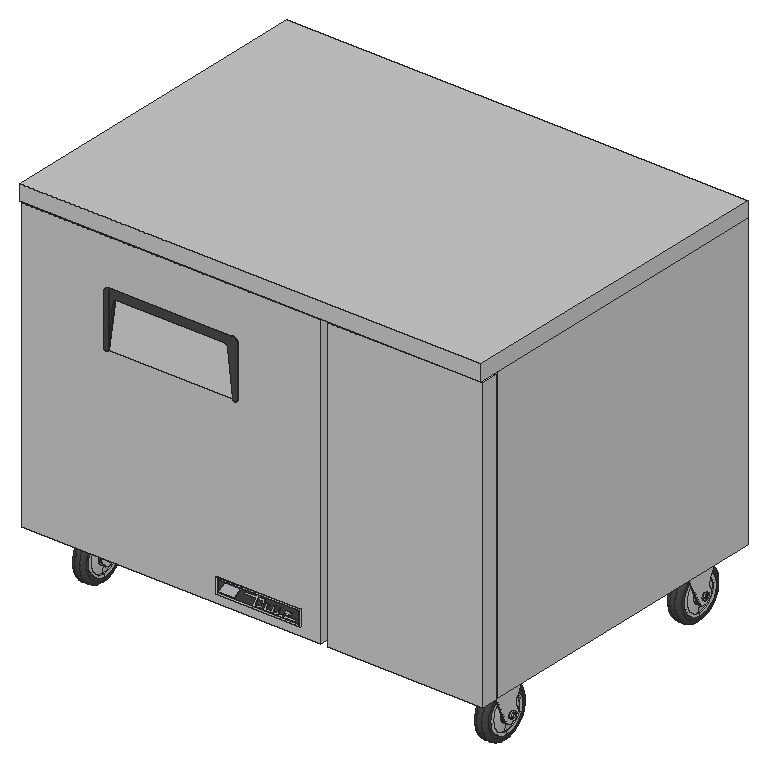
Revit family "QF_TRUE_TUC-44F-HC", category Specialty Equipment, Revit 2016
Family settings
  Part Type = Normal
  Round Connector Dimension = Use Diameter
  Work Plane-Based = No
  Always vertical = Yes
  Cut with Voids When Loaded = No
  Shared = Yes
  Room Calculation Point = No
Parameters
  Weight in Pounds = 300
  Watts = FL Amps * Volts  # 667 W
  Volts = 115 V
  URL Manufacturer = "www.truemfg.com"
  URL = "www.truemfg.com"
  Type Mark [instance] = ""
  Status [instance] = ""
  Show Seismic Flanged [instance] = no
  Show Legs [instance] = no
  Seismic Flanged [instance] = and(not(Show Casters), Show Seismic Flanged)  # no
  Length = 44 1/2"
  Legs [instance] = and(not(Show Casters), or(Show Legs, Show Seismic Flanged))  # no
  Specification by User [instance] = ""
  Specification by Manufacturer = ""
  Show Logo [instance] = yes
  Show Clearance [instance] = yes
  Show Casters [instance] = and(not(Show Seismic Flanged), not(Show Legs))  # yes
  Serial Number = ""
  Seismic Rating = ""
  SMACNA No = ""
  Revision Code [instance] = ""
  Phase = 1
  Omniclass Number and Title = ""
  Number of Poles [instance] = 1
  NAFEM Spec ID Number = ""
  Model = "TUC-44F-HC"
  Min Ckt Ampacity = 0 A
  Max Overcurrent Protection = 0 A
  MasterSpec. = ""
  Manufacturer = "TRUE"
  Item Number [instance] = ""
  Installed By [instance] = ""
  Identify Quantity as Lot [instance] = yes
  Height [instance] = 35 15/16"
  HP = "1/2"
  Furnished By [instance] = ""
  Foodservice Equipment Identifier [instance] = yes
  FL Amps = 5.8 A
  Electrical Remarks = ""
  Electric Connection Type [instance] = ""
  Elec Conn RI Height [instance] = 0"
  Elec Conn Connection Height [instance] = 0"
  Description = "SOLID DOOR FREEZER WITH HYDROCARBON REFRIGERANT"
  Depth = 32 1/4"
  Cycle = 60 Hz
  Conn Plug = "NEMA 5-15P"
  Conn Conduit = yes
  CSI MasterFormat = ""
  CSI Master Format = ""
  Base Height [instance] = if(Show Casters, 6 3/16", if(Legs, 6", 6 1/4"))  # 6 3/16"
  Apparent Power = if(Phase = 3, Volts * FL Amps * 1.73, Volts * FL Amps)  # 667 VA
Reference planes (in)
  plane 1 "BACK": y = -16.5
  plane 2: z = 0
  plane 3 "LEFT": x = 0
  plane 4 "RIGHT": x = 44.5
  plane 5 "FRONT": y = -51.25
  plane 6 "TOP": z = 35.9375
  plane 7: z = 6.1875
  plane 8: y = -69.375
  plane 9: y = -49.75
  plane 10: y = -17.5
  plane 11: y = -21.74082
  plane 12: x = 22.25
Dimensions and locks (in)
  "Length": plane 3 "LEFT" to plane 4 "RIGHT"
  plane 4 "RIGHT" to plane 3 "LEFT" = 44 1/2"
  plane 5 "FRONT" to plane 1 "BACK" = 34 3/4"  (x2)
  plane 1 "BACK" to plane 8 = 52 7/8"
  locked: plane 9 to plane 5 "FRONT" at 1.5
  "Depth": plane 10 to plane 9
  "Base Height": plane 7 to level
  locked: plane 6 "TOP" to plane 7 at 29.75
  plane 6 "TOP" to level = 35 15/16"
  equal spacing: plane 3 "LEFT", plane 12, plane 4 "RIGHT"
  aligned and locked: level to plane 2
  aligned and locked: plane 3 "LEFT" to nested 1  (x2)
  aligned and locked: plane 7 to nested 1
  aligned and locked: nested 1 to plane 7
Nested families (in)
  nested 1: "TUC-44-HC" at (0, 0, 2.1875), Show Logo <- "Show Logo", Show Clearance <- "Show Clearance", type "TUC-44-HC"
    with Show Logo yes, Show Clearance yes
  nested 2: "CASTERS" at (2.84375, -21.74082, 0), Show 6" Casters <- "Show Casters", type "CASTERS"
    with Type Mark "", Status "", Specification by User "", Show 6" Casters yes, Revision Code "", Item Number "", Installed By "", Identify Quantity as Lot yes, Furnished By "", Foodservice Equipment Identifier yes
  nested 3: "CASTERS" at (2.84375, -45.06531, 0), Show 6" Casters <- "Show Casters", type "CASTERS"
    with Type Mark "", Status "", Specification by User "", Show 6" Casters yes, Revision Code "", Item Number "", Installed By "", Identify Quantity as Lot yes, Furnished By "", Foodservice Equipment Identifier yes
  nested 4: "CASTERS" at (41.65625, -21.74082, 0), Show 6" Casters <- "Show Casters", type "CASTERS"
    with Type Mark "", Status "", Specification by User "", Show 6" Casters yes, Revision Code "", Item Number "", Installed By "", Identify Quantity as Lot yes, Furnished By "", Foodservice Equipment Identifier yes
  nested 5: "CASTERS" at (41.65625, -45.06531, 0), Show 6" Casters <- "Show Casters", type "CASTERS"
    with Type Mark "", Status "", Specification by User "", Show 6" Casters yes, Revision Code "", Item Number "", Installed By "", Identify Quantity as Lot yes, Furnished By "", Foodservice Equipment Identifier yes
  nested 6: "CASTERS & LEGS" at (2.84375, -21.74082, 0), Seismic Plate <- "Seismic Flanged", Legs <- "Legs", type "CASTERS & LEGS"
    with Type Mark "", Status "", Specification by User "", Seismic Plate no, Revision Code "", Legs no, Item Number "", Installed By "", Identify Quantity as Lot yes, Furnished By "", Foodservice Equipment Identifier yes
  nested 7: "CASTERS & LEGS" at (41.65625, -21.74082, 0), Seismic Plate <- "Seismic Flanged", Legs <- "Legs", type "CASTERS & LEGS"
    with Type Mark "", Status "", Specification by User "", Seismic Plate no, Revision Code "", Legs no, Item Number "", Installed By "", Identify Quantity as Lot yes, Furnished By "", Foodservice Equipment Identifier yes
  nested 8: "CASTERS & LEGS" at (41.65625, -45.06531, 0), Seismic Plate <- "Seismic Flanged", Legs <- "Legs", type "CASTERS & LEGS"
    with Type Mark "", Status "", Specification by User "", Seismic Plate no, Revision Code "", Legs no, Item Number "", Installed By "", Identify Quantity as Lot yes, Furnished By "", Foodservice Equipment Identifier yes
  nested 9: "CASTERS & LEGS" at (2.85404, -45.06531, 0), Seismic Plate <- "Seismic Flanged", Legs <- "Legs", type "CASTERS & LEGS"
    with Type Mark "", Status "", Specification by User "", Seismic Plate no, Revision Code "", Legs no, Item Number "", Installed By "", Identify Quantity as Lot yes, Furnished By "", Foodservice Equipment Identifier yes
Connectors (in)
  electrical at (41.00321, -17.5, 11.9375), driven by "Volts", driven by "Watts"
    settings: on nested 1, index 1, voltage 115 V, apparent load 667 VA, apparent load phase1 0 VA, apparent load phase2 0 VA, apparent load phase3 0 VA, power factor 1, load classification "Other", number of poles 1, system type 30, power factor state 1, is connector primary yes, connector utility no, sub classification motor no, connector description "ELECTRICAL CONNECTION"
Definition of nested family "TUC-44-HC"
  Parameters (values of type "TUC-44-SPEC1")
    URL = ""
    Show Logo [instance] = yes
    Show Clearance [instance] = yes
    Model = ""
    Manufacturer = ""
    Description = ""
    Assembly Code = ""
  Reference planes (in)
    plane 1 "BACK": y = -16.5
    plane 2: z = 0
    plane 3 "LEFT": x = 0
    plane 4 "RIGHT": x = 44.5
    plane 5 "FRONT": y = -51.25
    plane 6 "TOP": z = 33.75
    plane 7: z = 4
    plane 8: y = -41.06531
    plane 9: x = 22.25
    plane 10: z = 27.63
    plane 11: z = 22.15093
    plane 12: y = -49.6875
    plane 13: x = 14.45727
  Forms (in)
    Extrusion 1, solid
      sketch origin (0, -1, -2.25) x (0, 1, 0) y (0, 0, 1)
        loop
          line (-48.6875, 36) -> (-48.6875, 34.5) -> (-16.5, 34.5) -> (-16.5, 36) -> (-48.6875, 36)
      from 0 to 44.5
    Extrusion 2, solid
      sketch origin (0, -1, -2.25) x (0, 1, 0) y (0, 0, 1)
        loop
          line (-46.62, 34.5) -> (-46.62, 6.25) -> (-16.5, 6.25) -> (-16.5, 34.5) -> (-46.62, 34.5)
      from 0 to 44.5
    Extrusion 3, solid
      sketch origin (10.5, -16.5, -2.25) x (1, 0, 0) y (0, 0, 1)
        loop
          line (-10.5, 34.28323) -> (-10.5, 6.25) -> (18.41455, 6.25) -> (18.41455, 34.28323) -> (-10.5, 34.28323)
      from 31.44201 to 33
    Extrusion 4, solid
      sketch origin (0, 2.875, -2.25) x (0, 1, 0) y (0, 0, 1)
        loop
          line (-50.81701, 33.8406) -> (-50.81701, 6.82675) -> (-50.495, 6.82675) -> (-50.495, 33.8406) -> (-50.81701, 33.8406)
      from 0.5 to 44
    Extrusion 5, solid
      sketch origin (0, -16.5, -2.25) x (1, 0, 0) y (0, 0, 1)
        loop
          line (23.5, 6.25) -> (23.5, 4.375) -> (36.25, 4.375) -> (36.25, 6.25) -> (23.5, 6.25)
      from 1.69409 to 21.69409
    Extrusion 6, solid
      sketch origin (-1.16554, -17.5, -2.25) x (1, 0, 0) y (0, 0, 1)
        loop
          circle (42.16875, 12) r 0.25
      from 0 to 0.0625
    Revolve 7, solid
      sketch origin (0, -16.5155, 21) x (1, 0, 0) y (0, 1, 0)
        loop
          line (38.72703, -0.9845) -> (39.19578, -0.9845) -> (39.19578, 0.0155) -> (38.72703, 0.0155) -> (38.72703, -0.9845)
        axis (38.72703, -0.9845) -> (38.72703, 0.0155)
      angle from 0 to 360
    Revolve 8, solid
      sketch origin (-12.93057, -16.5155, 21) x (1, 0, 0) y (0, 1, 0)
        loop
          line (18.64104, -0.9845) -> (19.10979, -0.9845) -> (19.10979, 0.0155) -> (18.64104, 0.0155) -> (18.64104, -0.9845)
        axis (18.64104, -0.9845) -> (18.64104, 0.0155)
      angle from 0 to 360
    Extrusion 9, solid
      sketch origin (37.875, -16.5, -2.25) x (-1, 0, 0) y (0, 0, -1)
        loop
          line (-6.625, -34.28323) -> (8.34375, -34.28323) -> (8.34375, -6.25) -> (-6.625, -6.25) -> (-6.625, -34.28323)
      from 31.44201 to 33
    Extrusion 10, solid, visible <- "Show Clearance", detail levels coarse
      sketch origin (17.8682, -37.72639, 0) x (-1, 0, 0) y (0, -1, 0)
        loop
          line (17.8682, 11.77361) -> (17.8682, 40.68816)
          arc (17.8682, 40.68816) -> (-2.57748, 32.21929) -> (-11.04635, 11.77361) r 28.91455
          line (-11.04635, 11.77361) -> (17.8682, 11.77361)
      from 4 to 32.03323
    Extrusion 11, void
      sketch origin (14.45727, -16.90709, 48) x (0, -1, 0) y (0, 0, 1)
        loop
          line (32.59291, -20.37) -> (31.52391, -20.37) -> (32.59291, -25.84907) -> (32.59291, -20.37)
      from -6 to 6
    Extrusion 12, solid
      sketch origin (2.45727, -49.5, 0) x (1, 0, 0) y (0, 0, 1)
        loop
          line (5.52833, 27.13) -> (5.52833, 22.36054)
          arc (5.52833, 22.36054) -> (5.74774, 22.11831) -> (6.01044, 22.31274) r 0.24342
          line (6.01044, 22.31274) -> (6.44945, 26.42717)
          arc (6.44945, 26.42717) -> (6.61215, 26.74648) -> (6.94671, 26.87491) r 0.5
          line (6.94671, 26.87491) -> (17.05329, 26.87491)
          arc (17.05329, 26.87491) -> (17.38785, 26.74648) -> (17.55055, 26.42717) r 0.5
          line (17.55055, 26.42717) -> (17.98956, 22.31274)
          arc (17.98956, 22.31274) -> (18.25226, 22.11831) -> (18.47166, 22.36054) r 0.24342
          line (18.47166, 22.36054) -> (18.47166, 27.13)
          arc (18.47166, 27.13) -> (18.32522, 27.48356) -> (17.97166, 27.63) r 0.5
          line (17.97166, 27.63) -> (6.02833, 27.63)
          arc (6.02833, 27.63) -> (5.67478, 27.48356) -> (5.52833, 27.13) r 0.5
      from 0 to 0.0625
  Cuts and joins
    Extrusion 11 cuts Extrusion 3
  Lines and regions (in)
    Split face 1
      outline origin (37.875, -49.5, -2.25) x (-1, 0, 0) y (0, 0, -1)
        loop
          line (7.72481, -20.60657) -> (7.72481, -7.35657) -> (-5.77519, -7.35657) -> (-5.77519, -20.60657) -> (7.72481, -20.60657)
    symbolic lines
      curve 1: line (0, -17.5, 0) -> (44.5, -17.5, 0)
      curve 2: line (44.5, -49.75, 0) -> (0, -49.75, 0)
      curve 3: line (44.5, -17.5, 0) -> (44.5, -49.75, 0)
      curve 4: line (6.17922, -16.5, 0) -> (5.24172, -16.5, 0)
      curve 5: line (6.17922, -16.5, 0) -> (6.17922, -17.5, 0)
      curve 6: line (5.24172, -16.5, 0) -> (5.24172, -17.5, 0)
      curve 7: line (38.25828, -16.5, 0) -> (39.19578, -16.5, 0)
      curve 8: line (38.25828, -16.5, 0) -> (38.25828, -17.5, 0)
      curve 9: line (39.19578, -16.5, 0) -> (39.19578, -17.5, 0)
      curve 10: line (0, -17.5, 0) -> (0, -49.75, 0)
      curve 12: arc (25.04073, -63.95727, 0) -> (27.92931, -56.98364, 0) -> (28.91455, -49.5, 0) r 28.91455
    symbolic lines, visible <- "Show Clearance", detail levels coarse
      curve 11: line (25.04073, -63.95727, 0) -> (0.43301, -49.75, 0)
  Dimensions and locks (in)
    plane 3 "LEFT" to plane 4 "RIGHT" = 44 1/2"
    plane 4 "RIGHT" to plane 3 "LEFT" = 44 1/2"
    plane 6 "TOP" to level = 33 3/4"
    plane 5 "FRONT" to plane 1 "BACK" = 34 3/4"  (x2)
    plane 7 to level = 4"
    plane 6 "TOP" to plane 7 = 29 3/4"
    equal spacing: plane 3 "LEFT", plane 9, plane 4 "RIGHT"
    Extrusion 3 to plane 3 "LEFT" = 0"
    Extrusion 1 to plane 12 = 32 3/16"
    plane 12 to Extrusion 2 = 32 3/16"
    aligned and locked: level to plane 2
    aligned and locked: plane 4 "RIGHT" to Extrusion 1
    aligned and locked: Extrusion 1 to plane 3 "LEFT"
  Automatic sketch dimensions
    curve 10 to plane 3 "LEFT" = 0"
    plane 1 "BACK" to curve 4 = 0"
    plane 1 "BACK" to curve 8 = 0"
    curve 2 to plane 4 "RIGHT" = 0"
    plane 3 "LEFT" to curve 4 = 5.24172"
    curve 4 to curve 5 = 15/16"
    curve 11 to plane 9 = 2.79073"
    curve 8 to plane 4 "RIGHT" = 6.24172"
    curve 7 to curve 7 = 15/16"
    plane 1 "BACK" to curve 10 = 1"
    plane 3 "LEFT" to curve 11 = 0.43301"
    plane 1 "BACK" to Extrusion 1 sketch curve = 1"
    Extrusion 1 sketch curve to plane 6 "TOP" = 1 1/2"
    Extrusion 2 sketch curve to plane 7 = 0"
    plane 1 "BACK" to Extrusion 2 sketch curve = 1"
    Extrusion 2 sketch curve to plane 6 "TOP" = 1 1/2"
    plane 7 to Extrusion 4 sketch curve = 0.57675"
    Extrusion 4 sketch curve to Extrusion 4 sketch curve = 0.32201"
    Extrusion 4 sketch curve to plane 6 "TOP" = 2.1594"
    Extrusion 5 sketch curve to plane 7 = 0"
    Extrusion 5 sketch curve to plane 7 = 1 7/8"
    Extrusion 5 sketch curve to plane 9 = 1 1/4"
    Extrusion 5 sketch curve to plane 9 = 14"
    Extrusion 6 sketch curve to plane 4 "RIGHT" = 3.49679"
    plane 7 to Extrusion 6 sketch curve = 5 3/4"
    plane 1 "BACK" to Revolve 7 sketch curve = 0"  (x2)
    plane 1 "BACK" to Revolve 7 sketch curve = 1"
    Revolve 7 sketch curve to plane 4 "RIGHT" = 5.77297"
    Revolve 7 sketch curve to Revolve 7 sketch curve = 15/32"
    Revolve 7 sketch curve to Revolve 7 sketch curve = 0"
    Revolve 7 sketch curve to plane 1 "BACK" = 1/4"
    plane 1 "BACK" to Revolve 8 sketch curve = 0"
    plane 1 "BACK" to Revolve 8 sketch curve = 1"
    plane 3 "LEFT" to Revolve 8 sketch curve = 5.71047"
    Revolve 8 sketch curve to Revolve 8 sketch curve = 15/32"
    Revolve 8 sketch curve to Revolve 8 sketch curve = 0"
    Revolve 8 sketch curve to Revolve 8 sketch curve = 0.0155"
    Revolve 8 sketch curve to plane 1 "BACK" = 0.2345"
    Extrusion 11 sketch curve to plane 10 = 0"
    Extrusion 11 sketch curve to plane 11 = 0"
    plane 8 to Extrusion 11 sketch curve = 7.36569"
    plane 3 "LEFT" to Extrusion 12 sketch curve = 7.98561"
    Extrusion 12 sketch curve to Extrusion 12 sketch curve = 0.24342"  (x2)
    Extrusion 12 sketch curve to Extrusion 12 sketch curve = 0.23868"  (x2)
    Extrusion 12 sketch curve to Extrusion 12 sketch curve = 1/2"
    Extrusion 12 sketch curve to Extrusion 12 sketch curve = 0.42112"
    Extrusion 12 sketch curve to Extrusion 12 sketch curve = 0.49726"  (x2)
    plane 9 to Extrusion 12 sketch curve = 2.73944"
    Extrusion 12 sketch curve to Extrusion 12 sketch curve = 0.91838"
    Extrusion 12 sketch curve to Extrusion 12 sketch curve = 0.43901"
    Extrusion 12 sketch curve to plane 6 "TOP" = 11.43726"  (x2)
    Extrusion 12 sketch curve to Extrusion 12 sketch curve = 4.06217"  (x2)
    Extrusion 12 sketch curve to Extrusion 12 sketch curve = 0.05226"
    Extrusion 12 sketch curve to Extrusion 12 sketch curve = 0.70283"
    Extrusion 9 sketch curve to plane 4 "RIGHT" = 0"
    Extrusion 9 sketch curve to plane 7 = 0"
    Extrusion 9 sketch curve to plane 6 "TOP" = 1.71677"
    Extrusion 9 sketch curve to plane 9 = 7 9/32"
    Extrusion 3 sketch curve to plane 3 "LEFT" = 0"
    Extrusion 3 sketch curve to plane 7 = 0"
    Extrusion 3 sketch curve to plane 6 "TOP" = 1.71677"
    Extrusion 3 sketch curve to plane 9 = 6.66455"
    Extrusion 10 sketch curve to plane 3 "LEFT" = 0"
    Extrusion 10 sketch curve to plane 9 = 6.66455"
    curve 12 to plane 3 "LEFT" = 0"
    curve 2 to curve 12 = 1/4"
    curve 12 to plane 9 = 6.66455"
    curve 12 to plane 5 "FRONT" = 1 3/4"
    Extrusion 2 sketch curve to plane 5 "FRONT" = 3.63"
    Extrusion 4 sketch curve to plane 5 "FRONT" = 3.30799"
    Extrusion 10 sketch curve to plane 5 "FRONT" = 1 3/4"
    Extrusion 11 sketch curve to plane 5 "FRONT" = 1 3/4"
    Extrusion 1 sketch curve to plane 6 "TOP" = 0"
    Extrusion 1 sketch curve to plane 12 = 0"
    Split face 1 sketch curve to Extrusion 9 = 0.84981"
    Split face 1 sketch curve to Extrusion 9 = 0.61894"
    Split face 1 sketch curve to Extrusion 9 = 13.67666"
    Split face 1 sketch curve to Extrusion 9 = 1.10657"
    radius of Extrusion 6 sketch curve = 1/4"
  Nested families (in)
    nested 1: "QF_LOGO_TRUE" at (18.85205, -49.5, 4.84725), Show Logo <- "Show Logo", type "QF_LOGO_TRUE", detail levels medium+fine
      with Show Logo yes
  Definition of nested family "QF_LOGO_TRUE"
    Parameters (values of type "QF_LOGO_TRUE")
      Show Logo [instance] = yes
    Reference planes (in)
      plane 1 "Center (Front/Back)": y = 0
      plane 2: z = 0
      plane 3 "Center (Left/Right)": x = 0
    Forms (in)
      Extrusion 1, solid, visible <- "Show Logo"
        sketch origin (-78.34647, 34.76905, -30.51001) x (1, 0, 0) y (0, 0, 1)
          loop
            line (81.15226, 31.65456) -> (81.07353, 31.48573) -> (82.12083, 31.48573)
            arc (82.12083, 31.48573) -> (82.14208, 31.44814) -> (82.12083, 31.41055) r 0.04386
            line (82.12083, 31.41055) -> (81.84767, 30.82478)
            arc (81.84767, 30.82478) -> (81.84531, 30.77052) -> (81.882, 30.73048) r 0.07096
            line (81.882, 30.73048) -> (82.55165, 30.73048)
            arc (82.55165, 30.73048) -> (82.63621, 30.75714) -> (82.69019, 30.82748) r 0.14742
            line (82.69019, 30.82748) -> (82.90515, 31.28847) -> (83.10265, 31.28847)
            arc (83.10265, 31.28847) -> (83.15447, 31.26942) -> (83.14697, 31.21472) r 0.04405
            line (83.14697, 31.21472) -> (82.9671, 30.82899)
            arc (82.9671, 30.82899) -> (82.9699, 30.76493) -> (83.02398, 30.73048) r 0.06943
            line (83.02398, 30.73048) -> (83.6124, 30.73048)
            arc (83.6124, 30.73048) -> (83.65748, 30.74689) -> (83.68147, 30.78844) r 0.07014
            arc (83.68147, 30.78844) -> (83.69845, 30.74745) -> (83.73943, 30.73048) r 0.05796
            line (83.73943, 30.73048) -> (84.112, 30.73048)
            arc (84.112, 30.73048) -> (84.15504, 30.74201) -> (84.18655, 30.77352) r 0.08608
            arc (84.18655, 30.77352) -> (84.20164, 30.7371) -> (84.23806, 30.72202) r 0.0515
            line (84.23806, 30.72202) -> (84.76757, 30.72202)
            arc (84.76757, 30.72202) -> (84.81086, 30.73995) -> (84.8288, 30.78324) r 0.06122
            arc (84.8288, 30.78324) -> (84.86848, 30.74355) -> (84.92269, 30.72903) r 0.10842
            line (84.92269, 30.72903) -> (85.91461, 30.72903) -> (86.02479, 30.91987) -> (85.0243, 30.91987)
            arc (85.0243, 30.91987) -> (84.99669, 30.93902) -> (84.99566, 30.97261) r 0.03732
            line (84.99566, 30.97261) -> (85.01297, 31.00972)
            arc (85.01297, 31.00972) -> (85.03954, 31.04453) -> (85.0813, 31.05774) r 0.07263
            line (85.0813, 31.05774) -> (85.40289, 31.05774)
            arc (85.40289, 31.05774) -> (85.4723, 31.07633) -> (85.52311, 31.12715) r 0.13882
            line (85.52311, 31.12715) -> (85.61625, 31.28847)
            arc (85.61625, 31.28847) -> (85.61625, 31.37458) -> (85.54168, 31.41763) r 0.08611
            line (85.54168, 31.41763) -> (85.20227, 31.41763)
            arc (85.20227, 31.41763) -> (85.11574, 31.40294) -> (85.05538, 31.33923) r 0.13863
            line (85.05538, 31.33923) -> (84.89409, 30.99333)
            arc (84.89409, 30.99333) -> (84.84649, 30.9313) -> (84.77191, 30.90778) r 0.13002
            line (84.77191, 30.90778) -> (84.41984, 30.90778)
            arc (84.41984, 30.90778) -> (84.3777, 30.95378) -> (84.38042, 31.0161) r 0.08151
            line (84.38042, 31.0161) -> (84.56766, 31.41763) -> (84.44849, 31.41763) -> (84.25012, 30.99222)
            arc (84.25012, 30.99222) -> (84.21158, 30.94199) -> (84.15119, 30.92296) r 0.10527
            line (84.15119, 30.92296) -> (83.90842, 30.92296)
            arc (83.90842, 30.92296) -> (83.8674, 30.97642) -> (83.87619, 31.04323) r 0.08805
            line (83.87619, 31.04323) -> (84.05078, 31.41763) -> (83.92772, 31.41763) -> (83.72676, 30.98668)
            arc (83.72676, 30.98668) -> (83.68011, 30.94003) -> (83.61639, 30.92296) r 0.12745
            line (83.61639, 30.92296) -> (83.26484, 30.92296)
            arc (83.26484, 30.92296) -> (83.2017, 30.9524) -> (83.19563, 31.0218) r 0.06967
            line (83.19563, 31.0218) -> (83.31118, 31.26961) -> (83.47452, 31.26961)
            arc (83.47452, 31.26961) -> (83.50209, 31.35268) -> (83.56075, 31.41763) r 0.21289
            line (83.56075, 31.41763) -> (82.92244, 31.41763)
            arc (82.92244, 31.41763) -> (82.85151, 31.40191) -> (82.80242, 31.34834) r 0.12081
            line (82.80242, 31.34834) -> (82.6294, 30.9773)
            arc (82.6294, 30.9773) -> (82.58962, 30.93752) -> (82.53528, 30.92296) r 0.10869
            line (82.53528, 30.92296) -> (82.1542, 30.92296)
            arc (82.1542, 30.92296) -> (82.12446, 30.96315) -> (82.13012, 31.01283) r 0.06822
            line (82.13012, 31.01283) -> (82.38156, 31.48573) -> (83.01596, 31.48573) -> (83.09469, 31.65456) -> (82.46029, 31.65456) -> (82.53902, 31.8234) -> (82.31334, 31.8234) -> (82.23461, 31.65456) -> (81.15226, 31.65456)
          loop
            arc (85.15937, 31.26434) -> (85.13191, 31.25698) -> (85.1118, 31.23688) r 0.05494
            line (85.1118, 31.23688) -> (85.09547, 31.18665)
            arc (85.09547, 31.18665) -> (85.10304, 31.16837) -> (85.12133, 31.16079) r 0.02586
            line (85.12133, 31.16079) -> (85.39889, 31.16079)
            arc (85.39889, 31.16079) -> (85.41888, 31.16523) -> (85.43513, 31.1777) r 0.04731
            line (85.43513, 31.1777) -> (85.44863, 31.2402)
            arc (85.44863, 31.2402) -> (85.44466, 31.25693) -> (85.42914, 31.26434) r 0.01994
            line (85.42914, 31.26434) -> (85.15937, 31.26434)
          loop
            line (78.62961, 30.74125) -> (80.12032, 30.74125) -> (80.73891, 31.81268) -> (79.2482, 31.81268) -> (78.62961, 30.74125)
        from 34.76797 to 34.83173
      Extrusion 2, solid, visible <- "Show Logo"
        sketch origin (-142.84857, 34.75108, -33.3546) x (1, 0, 0) y (0, 0, 1)
          loop
            line (150.81107, 34.71978) -> (142.98607, 34.71978) -> (142.98607, 33.4921) -> (150.81107, 33.4921) -> (150.81107, 34.71978)
        from 34.75108 to 34.78125
      Extrusion 3, solid, visible <- "Show Logo"
        sketch origin (-142.84857, 34.75108, -33.3546) x (1, 0, 0) y (0, 0, 1)
          loop
            line (150.94857, 34.85727) -> (142.84857, 34.85727) -> (142.84857, 33.3546) -> (150.94857, 33.3546) -> (150.94857, 34.85727)
          loop
            line (142.98607, 34.71978) -> (142.98607, 33.4921) -> (150.81107, 33.4921) -> (150.81107, 34.71978) -> (142.98607, 34.71978)
        from 34.75108 to 34.81376
      Extrusion 4, solid, not visible
        sketch origin (121.45701, -16.5, 4.98235) x (1, 0, 0) y (0, 0, 1)
          loop
            line (25.20115, 35.89949) -> (25.20115, 33.96647) -> (30.95381, 33.96647) -> (30.95381, 35.89949) -> (25.20115, 35.89949)
        from 31.5 to 31.54261
      Extrusion 5, solid, not visible
        sketch origin (121.45701, -16.5, 4.98235) x (1, 0, 0) y (0, 0, 1)
          loop
            line (26.7387, 34.95472) -> (26.61492, 34.49276) -> (27.038, 34.49276)
            arc (27.038, 34.49276) -> (27.13117, 34.52484) -> (27.18485, 34.60749) r 0.15134
            arc (27.18485, 34.60749) -> (27.20396, 34.68138) -> (27.22435, 34.75493) r 4.37326
            arc (27.22435, 34.75493) -> (27.23458, 34.81765) -> (27.22435, 34.88037) r 0.1974
            arc (27.22435, 34.88037) -> (27.18247, 34.93579) -> (27.11563, 34.95472) r 0.10914
            line (27.11563, 34.95472) -> (26.7387, 34.95472)
          loop
            line (26.90201, 34.80638) -> (26.84645, 34.59903) -> (26.92855, 34.59903)
            arc (26.92855, 34.59903) -> (26.98205, 34.6185) -> (27.01051, 34.6678) r 0.08322
            line (27.01051, 34.6678) -> (27.02399, 34.74424)
            arc (27.02399, 34.74424) -> (27.01491, 34.78454) -> (26.97985, 34.80638) r 0.05353
            line (26.97985, 34.80638) -> (26.90201, 34.80638)
          loop
            line (27.45336, 34.66131) -> (27.76233, 34.66131) -> (27.78859, 34.73909)
            arc (27.78859, 34.73909) -> (27.7878, 34.82039) -> (27.73107, 34.87864) r 0.10925
            arc (27.73107, 34.87864) -> (27.68233, 34.8944) -> (27.63139, 34.89974) r 0.24595
            line (27.63139, 34.89974) -> (27.46708, 34.89974)
            arc (27.46708, 34.89974) -> (27.4068, 34.88073) -> (27.3535, 34.84677) r 0.2421
            arc (27.3535, 34.84677) -> (27.2897, 34.76363) -> (27.26702, 34.66131) r 0.2421
            line (27.26702, 34.66131) -> (27.26702, 34.54477)
            arc (27.26702, 34.54477) -> (27.31618, 34.4956) -> (27.38334, 34.47761) r 0.13431
            line (27.38334, 34.47761) -> (27.59054, 34.47761)
            arc (27.59054, 34.47761) -> (27.63459, 34.48281) -> (27.67622, 34.49812) r 0.18924
            line (27.67622, 34.49812) -> (27.73102, 34.61563)
            arc (27.73102, 34.61563) -> (27.68453, 34.59565) -> (27.63566, 34.58252) r 0.35376
            arc (27.63566, 34.58252) -> (27.55885, 34.56956) -> (27.48204, 34.58252) r 0.23415
            arc (27.48204, 34.58252) -> (27.44492, 34.61362) -> (27.45336, 34.66131) r 0.04838
          loop
            line (27.4842, 34.73042) -> (27.62012, 34.73042) -> (27.62621, 34.76496)
            arc (27.62621, 34.76496) -> (27.58961, 34.80242) -> (27.53739, 34.80638) r 0.0742
            arc (27.53739, 34.80638) -> (27.49747, 34.77773) -> (27.4842, 34.73042) r 0.0742
          loop
            line (27.91616, 34.97572) -> (27.78675, 34.49276) -> (27.98645, 34.49276) -> (28.11586, 34.97572) -> (27.91616, 34.97572)
          loop
            line (28.13678, 34.66131) -> (28.08755, 34.47761) -> (28.27134, 34.47761) -> (28.32056, 34.66131) -> (28.43674, 34.66131) -> (28.47974, 34.78864) -> (28.36519, 34.78864)
            arc (28.36519, 34.78864) -> (28.35733, 34.81649) -> (28.36921, 34.84288) r 0.04231
            arc (28.36921, 34.84288) -> (28.431, 34.8652) -> (28.49617, 34.85686) r 0.13988
            line (28.49617, 34.85686) -> (28.53544, 34.97317)
            arc (28.53544, 34.97317) -> (28.39725, 34.99096) -> (28.25905, 34.97317) r 0.54546
            arc (28.25905, 34.97317) -> (28.20849, 34.91994) -> (28.18197, 34.85147) r 0.1894
            line (28.18197, 34.85147) -> (28.17089, 34.78864) -> (28.11397, 34.78864) -> (28.07985, 34.66131) -> (28.13678, 34.66131)
          loop
            arc (28.74846, 34.89756) -> (28.65884, 34.88533) -> (28.56922, 34.89756) r 0.33455
            line (28.56922, 34.89756) -> (28.45669, 34.47761) -> (28.63593, 34.47761) -> (28.74846, 34.89756)
          loop
            arc (28.60398, 35.01195) -> (28.57699, 34.97173) -> (28.60398, 34.9315) r 0.04347
            line (28.60398, 34.9315) -> (28.75755, 34.9315)
            arc (28.75755, 34.9315) -> (28.78645, 34.96687) -> (28.77911, 35.01195) r 0.0556
            line (28.77911, 35.01195) -> (28.60398, 35.01195)
          loop
            line (28.95336, 34.66131) -> (29.26233, 34.66131) -> (29.28859, 34.73909)
            arc (29.28859, 34.73909) -> (29.2878, 34.82039) -> (29.23107, 34.87864) r 0.10925
            arc (29.23107, 34.87864) -> (29.18233, 34.8944) -> (29.13139, 34.89974) r 0.24595
            line (29.13139, 34.89974) -> (28.96708, 34.89974)
            arc (28.96708, 34.89974) -> (28.9068, 34.88073) -> (28.8535, 34.84677) r 0.2421
            arc (28.8535, 34.84677) -> (28.7897, 34.76363) -> (28.76702, 34.66131) r 0.2421
            line (28.76702, 34.66131) -> (28.76702, 34.54477)
            arc (28.76702, 34.54477) -> (28.81618, 34.4956) -> (28.88334, 34.47761) r 0.13431
            line (28.88334, 34.47761) -> (29.09054, 34.47761)
            arc (29.09054, 34.47761) -> (29.13459, 34.48281) -> (29.17622, 34.49812) r 0.18924
            line (29.17622, 34.49812) -> (29.23102, 34.61563)
            arc (29.23102, 34.61563) -> (29.18453, 34.59565) -> (29.13566, 34.58252) r 0.35376
            arc (29.13566, 34.58252) -> (29.05885, 34.56956) -> (28.98204, 34.58252) r 0.23415
            arc (28.98204, 34.58252) -> (28.94492, 34.61362) -> (28.95336, 34.66131) r 0.04838
          loop
            line (28.9842, 34.73042) -> (29.12012, 34.73042) -> (29.12621, 34.76496)
            arc (29.12621, 34.76496) -> (29.08961, 34.80242) -> (29.03739, 34.80638) r 0.0742
            arc (29.03739, 34.80638) -> (28.99747, 34.77773) -> (28.9842, 34.73042) r 0.0742
          loop
            line (29.41616, 34.97572) -> (29.28675, 34.49276) -> (29.48645, 34.49276) -> (29.61586, 34.97572) -> (29.41616, 34.97572)
          loop
            line (29.99836, 34.97572) -> (29.95192, 34.80242)
            arc (29.95192, 34.80242) -> (29.94473, 34.85705) -> (29.90102, 34.89059) r 0.07199
            arc (29.90102, 34.89059) -> (29.80023, 34.89941) -> (29.70251, 34.87322) r 0.29131
            arc (29.70251, 34.87322) -> (29.61806, 34.7652) -> (29.5896, 34.63108) r 0.30433
            line (29.5896, 34.63108) -> (29.5896, 34.55572)
            arc (29.5896, 34.55572) -> (29.61075, 34.50463) -> (29.66184, 34.48348) r 0.07224
            line (29.66184, 34.48348) -> (29.78537, 34.48348)
            arc (29.78537, 34.48348) -> (29.83854, 34.51313) -> (29.88504, 34.55243) r 0.31609
            line (29.88504, 34.55243) -> (29.86905, 34.49276) -> (30.05973, 34.49276) -> (30.18914, 34.97572) -> (29.99836, 34.97572)
          loop
            arc (29.84537, 34.75931) -> (29.79424, 34.71128) -> (29.77745, 34.64317) r 0.12371
            arc (29.77745, 34.64317) -> (29.80071, 34.59901) -> (29.85056, 34.59647) r 0.05045
            arc (29.85056, 34.59647) -> (29.90141, 34.64047) -> (29.92536, 34.7033) r 0.13769
            arc (29.92536, 34.7033) -> (29.90211, 34.75521) -> (29.84537, 34.75931) r 0.05543
          loop
            line (26.45047, 35.26762) -> (26.58211, 35.26762)
            arc (26.58211, 35.26762) -> (26.60467, 35.30821) -> (26.62126, 35.35157) r 0.3277
            arc (26.62126, 35.35157) -> (26.62714, 35.39992) -> (26.60877, 35.44503) r 0.09693
            arc (26.60877, 35.44503) -> (26.56454, 35.48868) -> (26.50462, 35.50516) r 0.12312
            arc (26.50462, 35.50516) -> (26.44158, 35.50565) -> (26.37854, 35.50546) r 5.76967
            arc (26.37854, 35.50546) -> (26.07462, 35.42923) -> (25.81045, 35.26076) r 0.97743
            line (25.81045, 35.26076) -> (25.85921, 35.26076)
            arc (25.85921, 35.26076) -> (26.08494, 35.39361) -> (26.3396, 35.45485) r 0.88817
            arc (26.3396, 35.45485) -> (26.41429, 35.44188) -> (26.47267, 35.39352) r 0.14748
            arc (26.47267, 35.39352) -> (26.48041, 35.32725) -> (26.45047, 35.26762) r 0.11636
          loop
            arc (26.35412, 35.17841) -> (26.19578, 35.0555) -> (26.00982, 34.98069) r 0.72453
            arc (26.00982, 34.98069) -> (25.9036, 34.95581) -> (25.79459, 34.9604) r 0.40201
            arc (25.79459, 34.9604) -> (25.7275, 34.98819) -> (25.69972, 35.05528) r 0.09488
            arc (25.69972, 35.05528) -> (25.71867, 35.12629) -> (25.77049, 35.17841) r 0.1425
            line (25.77049, 35.17841) -> (25.73665, 35.18748)
            arc (25.73665, 35.18748) -> (25.67632, 35.09876) -> (25.66924, 34.99171) r 0.20432
            arc (25.66924, 34.99171) -> (25.71443, 34.9227) -> (25.79473, 34.90384) r 0.11116
            arc (25.79473, 34.90384) -> (25.91172, 34.89904) -> (26.02716, 34.91862) r 0.56145
            arc (26.02716, 34.91862) -> (26.27675, 35.021) -> (26.49584, 35.17841) r 1.15683
            line (26.49584, 35.17841) -> (26.35412, 35.17841)
        from 31.54261 to 31.56272
    Dimensions and locks (in)
      aligned and locked: level to plane 2
      aligned and locked: Extrusion 2 to Extrusion 3  (x2)
      aligned and locked: Extrusion 2 sketch curve to Extrusion 3
Definition of nested family "CASTERS"
  Parameters
    Weight = ""
    URL Manufacturer = ""
    URL Cutsheet = ""
    URL = ""
    Type Mark [instance] = ""
    Status [instance] = ""
    Specification by User [instance] = ""
    Specification by Manufacturer = ""
    Show 6" Casters [instance] = yes
    Serial Number = ""
    Seismic Rating = ""
    SMACNA No = ""
    Revision Code [instance] = ""
    Omniclass Number and Title = ""
    NAFEM Spec ID Number = ""
    Model = ""
    MasterSpec. = ""
    Manufacturer = ""
    Item Number [instance] = ""
    Installed By [instance] = ""
    Identify Quantity as Lot [instance] = yes
    Furnished By [instance] = ""
    Foodservice Equipment Identifier [instance] = yes
    Description = ""
    CSI MasterFormat = ""
    CSI Master Format = ""
    Assembly Code = ""
  Reference planes (in)
    plane 1: z = 0
    plane 2 "RIGHT": x = 0
    plane 3 "FRONT": y = 0
    plane 4 "TOP": z = 6.25
  Forms (in)
    Revolve 1, solid, visible <- "Show 6" Casters"
      sketch origin (0, 2.21793, 0.25) x (0, 1, 0) y (0, 0, 1)
        loop
          line (-2.21793, 6) -> (-2.21793, 5.55584) -> (-0.93693, 5.55584) -> (-0.93693, 6) -> (-2.21793, 6)
        axis (-2.21793, 5.55584) -> (-2.21793, 6)
      angle from 0 to 360
    Extrusion 2, solid, visible <- "Show 6" Casters"
      sketch origin (-1.81294, 2.21793, 0) x (0, 1, 0) y (0, 0, 1)
        loop
          line (-3.37793, 5.80584) -> (-3.37793, 5.25584) -> (-3.23369, 5.25584)
          arc (-3.23369, 5.25584) -> (-3.1238, 5.20977) -> (-3.03725, 5.12786) r 0.33195
          line (-3.03725, 5.12786) -> (-1.55521, 1.94961)
          arc (-1.55521, 1.94961) -> (-0.54268, 1.81523) -> (-0.22336, 2.78544) r 0.8
          arc (-0.22336, 2.78544) -> (-0.27816, 2.89808) -> (-0.34988, 3.00079) r 0.8
          arc (-0.34988, 3.00079) -> (-0.37005, 3.3613) -> (-0.26088, 3.70547) r 1
          line (-0.26088, 3.70547) -> (0.31507, 4.78867)
          arc (0.31507, 4.78867) -> (-0.09241, 4.97284) -> (-0.5252, 5.08531) r 2.63
          line (-0.5252, 5.08531) -> (-0.54193, 5.25584) -> (-1.05793, 5.25584) -> (-1.05793, 5.80584) -> (-3.37793, 5.80584)
      from 0.78968 to 0.90247
    Extrusion 3, solid, visible <- "Show 6" Casters"
      sketch origin (0.13094, 2.21793, 0) x (0, 1, 0) y (0, 0, 1)
        loop
          line (-3.37793, 5.80584) -> (-3.37793, 5.25584) -> (-3.23369, 5.25584)
          arc (-3.23369, 5.25584) -> (-3.1238, 5.20977) -> (-3.03725, 5.12786) r 0.33195
          line (-3.03725, 5.12786) -> (-1.55521, 1.94961)
          arc (-1.55521, 1.94961) -> (-0.54268, 1.81523) -> (-0.22336, 2.78544) r 0.8
          arc (-0.22336, 2.78544) -> (-0.27816, 2.89808) -> (-0.34988, 3.00079) r 0.8
          arc (-0.34988, 3.00079) -> (-0.37005, 3.3613) -> (-0.26088, 3.70547) r 1
          line (-0.26088, 3.70547) -> (0.31507, 4.78867)
          arc (0.31507, 4.78867) -> (-0.09241, 4.97284) -> (-0.5252, 5.08531) r 2.63
          line (-0.5252, 5.08531) -> (-0.54193, 5.25584) -> (-1.05793, 5.25584) -> (-1.05793, 5.80584) -> (-3.37793, 5.80584)
      from 0.78968 to 0.90247
    Extrusion 4, solid, visible <- "Show 6" Casters"
      sketch origin (-1.93794, 2.21793, 0) x (0, 1, 0) y (0, 0, 1)
        loop
          line (-3.37793, 5.80584) -> (-3.37793, 5.25584) -> (-3.23369, 5.25584) -> (-0.7432, 5.03796) -> (0.2811, 4.72479) -> (0.31507, 4.78867)
          arc (0.31507, 4.78867) -> (-0.09241, 4.97284) -> (-0.5252, 5.08531) r 2.63
          line (-0.5252, 5.08531) -> (-0.54193, 5.25584) -> (-1.05793, 5.25584) -> (-1.05793, 5.80584) -> (-3.37793, 5.80584)
      from 1.02747 to 2.85669
    Revolve 5, solid, visible <- "Show 6" Casters"
      sketch origin (-1.93794, 1.21343, 0) x (1, 0, 0) y (0, 0, 1)
        loop
          line (0.5843, 2.5) -> (3.2907, 2.5) -> (3.2907, 2.6421) -> (3.2407, 2.6921) -> (3.1807, 2.6921) -> (3.1807, 2.8278) -> (2.7025, 2.8278) -> (2.7025, 3.22009) -> (2.5625, 3.30092) -> (2.42914, 4.125) -> (2.59375, 4.125) -> (2.59375, 4.375) -> (2.5625, 4.375) -> (2.5625, 4.625)
          arc (2.5625, 4.625) -> (2.45267, 4.89017) -> (2.1875, 5) r 0.375
          line (2.1875, 5) -> (1.6875, 5)
          arc (1.6875, 5) -> (1.42233, 4.89017) -> (1.3125, 4.625) r 0.375
          line (1.3125, 4.625) -> (1.3125, 4.375) -> (1.28125, 4.375) -> (1.28125, 4.125) -> (1.44586, 4.125) -> (1.31307, 3.30443) -> (1.1725, 3.22327) -> (1.1725, 2.8278) -> (0.6943, 2.8278) -> (0.6943, 2.6921) -> (0.6343, 2.6921) -> (0.5843, 2.6421) -> (0.5843, 2.5)
        axis (0.5843, 2.5) -> (3.2907, 2.5)
      angle from 0 to 360
  Cuts and joins
    joined: Extrusion 2, Extrusion 3, Extrusion 4
  Lines and regions (in)
    symbolic lines, visible <- "Show 6" Casters"
      curve 1: line (0.70901, 2.6399, 0) -> (1.79507, 2.01286, 0)
      curve 2: line (-1.79099, -1.69023, 0) -> (0.70901, 2.6399, 0)
      curve 3: line (-0.70493, -2.31727, 0) -> (-1.79099, -1.69023, 0)
      curve 4: line (1.79507, 2.01286, 0) -> (-0.70493, -2.31727, 0)
  Dimensions and locks (in)
    plane 4 "TOP" to level = 6 1/4"  (x2)
    aligned and locked: level to plane 1
Definition of nested family "CASTERS & LEGS"
  Parameters
    Weight = ""
    URL Manufacturer = ""
    URL Cutsheet = ""
    URL = ""
    Type Mark [instance] = ""
    Status [instance] = ""
    Specification by User [instance] = ""
    Specification by Manufacturer = ""
    Serial Number = ""
    Seismic Rating = ""
    Seismic Plate [instance] = yes
    SMACNA No = ""
    Revision Code [instance] = ""
    Omniclass Number and Title = ""
    NAFEM Spec ID Number = ""
    Model = ""
    MasterSpec. = ""
    Manufacturer = ""
    Legs [instance] = yes
    Item Number [instance] = ""
    Installed By [instance] = ""
    Identify Quantity as Lot [instance] = yes
    Furnished By [instance] = ""
    Foodservice Equipment Identifier [instance] = yes
    Description = ""
    CSI MasterFormat = ""
    CSI Master Format = ""
    Assembly Code = ""
  Reference planes (in)
    plane 1: z = 0
    plane 2 "RIGHT": x = 0
    plane 3 "FRONT": y = 0
    plane 4 "TOP": z = 4.25
  Forms (in)
    Extrusion 1, solid, visible <- "Seismic Plate"
      sketch origin (30.22541, -24.4251, 0) x (-1, 0, 0) y (0, -1, 0)
        loop
          circle (30.22541, -24.4251) r 1.5
      from 0 to 0.3125
    Revolve 2, solid, visible <- "Legs"
      sketch origin (-2, 0, 0) x (1, 0, 0) y (0, 0, -1)
        loop
          line (2, -6) -> (2, 0) -> (1.5, 0) -> (1.5, -1) -> (1.25, -1) -> (0.53856, -6) -> (2, -6)
        axis (2, 0) -> (2, -6)
      angle from 0 to 360
  Dimensions and locks (in)
    plane 4 "TOP" to level = 4 1/4"  (x2)
    aligned and locked: level to plane 1
